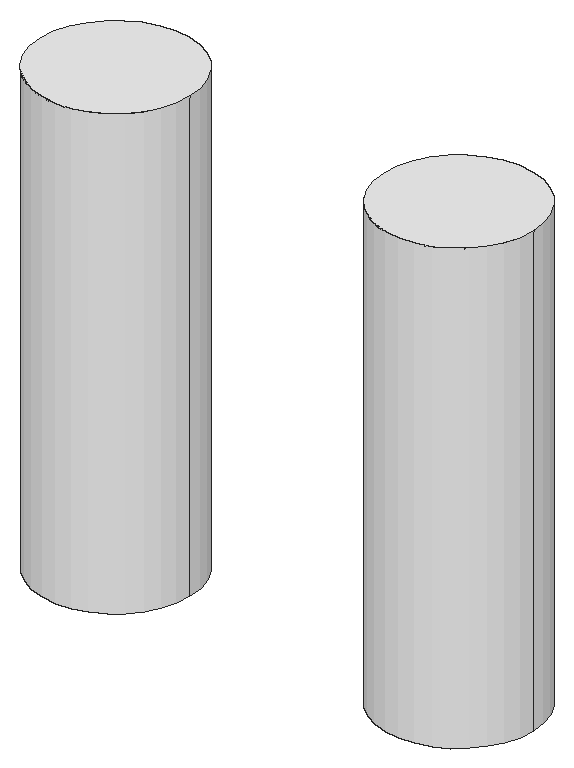
Revit family "5447220733(2023)", category Plumbing Fixtures, Revit 2020
Family settings
  Round Connector Dimension = Use Diameter
  Part Type = Normal
  OmniClass Number = 23.45.55.00
  OmniClass Title = Sanitary Faucets, Wastes
  Work Plane-Based = No
  Always vertical = Yes
  Cut with Voids When Loaded = No
  Shared = No
  Room Calculation Point = No
Parameters (values of type "5447220733 High washbasin faucet")
  Working Pressure = "50 - 1000 kPa"
  WarrantyStartDate [instance] = "n/a"
  WarrantyGuarantorParts = "n/a"
  WarrantyGuarantorLabor = "n/a"
  WarrantyDurationUnit = "Year"
  WarrantyDurationParts = "n/a"
  WarrantyDurationLabor = "n/a"
  WarrantyDescription = "http://warranty.hansa.com"
  Warranty Information URL = "http://warranty.hansa.com"
  VersionDate = "17/01/2024"
  Version = "1"
  ValvePattern = "n/a"
  ValveOperation = "n/a"
  ValveMechanism = "n/a"
  Uniclass2015Reference = "Pr_40_20_87_96"
  Uniclass2015Description = "Washbasin manual water supply sets"
  Uniclass2 = "Pr_40_30_96_96"
  URL UWL = "http://static.hansa.com/UWL/5447220733"
  URL REACH = "http://static.hansa.com/doc/reach"
  URL EcoLabel Declaration = "http://static.hansa.com/doc/EcoLabel"
  URL EU Packaging Declaration = "http://static.hansa.com/doc/packaging"
  URL Declaration of SCIP = "http://static.hansa.com/doc/SCIP"
  URL Declaration of Conformity = "http://static.hansa.com/DoC/5447220733"
  URL Declaration of Asbestos = "http://static.hansa.com/doc/asbestos"
  URL Declaration Of Performance (DOP) = "http://static.hansa.com/doc/DoP"
  URL = ""
  UNSPSC Class Number = "30181700 Faucets or taps"
  Type Comments = ""
  TestPressure = "n/a"
  Temperature Adjustments = "Limitation option for maximum temperature and flow-rate ;Adjustable hot water stop (included, retrofittable)"
  Technical DataSheet URL = "http://www.hansa.com/datasheet/5447220733/en"
  TagNumber [instance] = "n/a"
  SustainabilityPerformance = "n/a"
  Surface treatment = "Matt black"
  Spout Type = "Fixed spout"
  Spout Projection = "168 mm"
  Size = "50x205x320 mm"
  Shape = "Sculptured"
  SerialNumber [instance] = "n/a"
  Sales Package dimensions (LxWxH) = "620 x 330 x 90"
  Revision = "n/a"
  ReplacementCost = "n/a"
  ProductInformation = "n/a"
  Product URL = "http://static.hansa.com/5447220733"
  Product Image URL = "http://static.hansa.com/image/5447220733"
  Product Family = "HANSAVANTIS Style "
  Product Code = "5447220733"
  OperatingMechanismMaterial = "n/a"
  NominalWidth = 50 mm
  NominalHeight = 317.696 mm
  NominalDepth = 204.007 mm
  Noise Class = "I (ISO 3822)"
  Name_en = "5447220733 High washbasin faucet"
  Name = "5447220733 High washbasin faucet"
  NBSReference = "45-35-70/371"
  NBSDescription = "Water supply fittings for wash basins and troughs"
  ModelReference = "5447220733"
  ModelNumber = "n/a"
  Model = "5447220733 High washbasin faucet"
  Mobile Product Information URL = "http://mpi.hansa.com/5447220733"
  Mechanical Parts = "30Cartridge"
  Max. Hot Water Supply = 70 °C
  Material = "Brass"
  Market = "International;Germany;Austria;Belgium;Netherlands;Czech Republic;Slovakia;Italy"
  ManufacturerURL = "http://www.hansa.com"
  ManufacturerName = "HANSA"
  Manufacturer = "HANSA"
  Lever Handle = "Single operating lever/handle;Pin shape;Hot/Cold symbols"
  Keynote = ""
  Interactive AR View URL = "https://static.hansa.com/AR/5447220733"
  InstallationDate [instance] = "n/a"
  Installation and Maintenance Guide URL = "http://static.hansa.com/manual/5447220733"
  Installation Type = "Deck mounted"
  InletConnectionSize = 10 mm
  IfcExportType = "FAUCET"  # constant formula
  IfcExportAs = "IfcValveType"  # constant formula
  Group = "Washbasin faucet"
  Grade = "n/a"
  FlowCoefficient = 0
  Flow Rate At 300kPa With Flow Controller = 0.01 L/s
  Flow Drawing URL = "http://static.hansa.com/flowchart/5447220733"
  Finish = "Polished"
  Features = "Single-lever"
  FaucetMainMaterial = Brass
  FDV Document URL = "http://www.hansa.com/datasheet/5447220733/en/fdv"
  ExpectedLife = "n/a"
  Excluded Items = "Without pop-up waste"
  ETIM Class Number = "EC011328 Washbasin mixing tap"
  EN Standard = "EN 817"
  EAN Number = "4057304020049"
  DurationUnit = "Year"
  Dimension Drawing URL = "http://static.hansa.com/dimdrw/5447220733"
  Description = ""
  DefaultElevation [instance] = 900 mm
  Default Elevation = 0 mm
  Constituents = "n/a"
  Connection Size = "G3/8"
  Color = "Matt black"
  CodePerformance = "n/a"
  CloseOffRating = 0
  Catalog Drawing URL = "http://static.hansa.com/catdrw/5447220733"
  Brand = "HANSA"
  BodyMaterial = "Brass"
  Barcode [instance] = "n/a"
  Backflow Prevention EN1717 = "AA"
  BIMObjectName = "5447220733(2023)"
  Author = "BIMStone"
  AssetType = "Fixed"
  AssetIdentifier [instance] = "n/a"
  Aerator = "Standard aerator;PCA® - constant flow rate regardless of pressure variations"
  Advanced Features = "Inner body made of DZR brass"
  AccessibilityPerformance = "n/a"
  3D View = "https://static.hansa.com/AR/5447220733"
  2D/3D/BIM Files URL = "http://static.hansa.com/bim/5447220733"
Reference planes
  plane 1 "Center (Front/Back)": y = 0
  plane 2: z = 0
  plane 3 "Center (Left/Right)": x = 0
  plane 4: x = -25
  plane 5: z = 900
  plane 6: z = 870
  plane 7: y = -204.007
  plane 8: x = 25
  plane 9: z = 1217.696
Forms (mm)
  Extrusion 1, solid, material "Brass" <- "FaucetMainMaterial"
    sketch origin (0, -2.393, 0) x (1, 0, 0) y (0, 1, 0)
      loop
        circle (-11.5, -22.5) r 5
      loop
        circle (11.5, -22.5) r 5
    from 870 to 900
Dimensions and locks
  "DefaultElevation": plane 5 to level
  locked: plane 5 to plane 6 at 30
  "NominalDepth": plane 7 to plane 1 "Center (Front/Back)"
  equal spacing: plane 4, plane 3 "Center (Left/Right)", plane 8
  "NominalHeight": plane 9 to plane 5
  "NominalWidth": plane 4 to plane 8
  "InletConnectionSize": diameter of Extrusion 1 sketch curve  (x2)
  aligned and locked: level to plane 2
  aligned and locked: plane 5 to Extrusion 1
  aligned and locked: Extrusion 1 to plane 6
  aligned and locked: nested 2 to plane 5
  aligned and locked: plane 1 "Center (Front/Back)" to nested 2
  aligned and locked: plane 3 "Center (Left/Right)" to nested 2
  aligned and locked: plane 3 "Center (Left/Right)" to nested 1
  aligned and locked: plane 1 "Center (Front/Back)" to nested 1
Automatic sketch dimensions
  Extrusion 1 sketch curve to plane 3 "Center (Left/Right)" = 11.5 mm
  plane 3 "Center (Left/Right)" to Extrusion 1 sketch curve = 11.5 mm
  plane 1 "Center (Front/Back)" to Extrusion 1 sketch curve = 24.893 mm  (x2)
Nested families
  nested 1: "Symbol" at (0, 0, 0), type "Symbol", detail levels coarse
  nested 2: "5447220733(2023)_p" at (0, 0, 900), Material <- "FaucetMainMaterial", type "5447220733(2023)_p"
    with Material Brass
Connectors
  piping at (-11.5, -24.893, 870), diameter 10, driven by "InletConnectionSize"
    settings: on Extrusion 1, index 1, connector inside diameter 609.6 mm, connector length 0 mm, flow factor 0, pipe flow 0.2 L/s, pressure drop 0.0 Pa, fitting loss kfactor 0, connector angle 0.00°, fixture units 0, engagement length 0 mm, angle of deflection 0.00°, flow configuration 1, flow direction 1, fitting loss method 0, system type 19, joint type 0, gender type 0, connector reference index -1, connector utility 0, adjustable connector no, is connector primary yes, connector description ""
  piping at (11.5, -24.893, 870), diameter 10, driven by "InletConnectionSize"
    settings: on Extrusion 1, index 2, connector inside diameter 609.6 mm, connector length 0 mm, flow factor 0, pipe flow 0.2 L/s, pressure drop 0.0 Pa, fitting loss kfactor 0, connector angle 0.00°, fixture units 0, engagement length 0 mm, angle of deflection 0.00°, flow configuration 1, flow direction 1, fitting loss method 0, system type 20, joint type 0, gender type 0, connector reference index -1, connector utility 0, adjustable connector no, is connector primary no, connector description ""
Definition of nested family "Symbol"
  Reference planes
    plane 1: y = 0
    plane 2: x = 0
  Lines and regions (mm)
    detail lines
      curve 1: line (0, 0, 0) -> (0, -1.8, 0)
      curve 2: line (-0.4, -1.1, 0) -> (0.4, -1.1, 0)
      curve 3: line (-0.4, -1.4, 0) -> (0.4, -1.4, 0)
      curve 4: line (0.863, 0, 0) -> (-0.863, 0, 0)
      curve 5: circle (-1.163, 0, 0) r 0.3 normal (0, 0, -1)
      curve 6: circle (1.163, 0, 0) r 0.3 normal (0, 0, 1)
